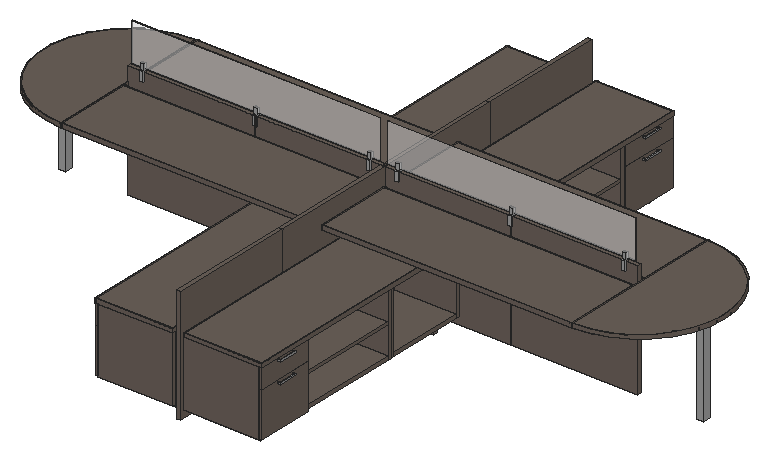
Revit family "STAKS002", category Furniture, Revit 2013 (continued)
Definition of nested family "FIRST OFFICE-STAKS-BRACKETS-SADDLE_PRESS FIT"
  Definition of nested family "PFBKT-1"
    Reference planes (in)
      plane 1 "Center Front/Back": y = 0
      plane 2: z = 0
      plane 3 "Center Left/Right": x = 0
    Forms (in)
      Extrusion 1, solid, material "STAKS BRACKETS"
        sketch origin (0, 0, -1) x (0, 1, 0) y (0, 0, 1)
          loop
            line (0.55, 42.87145) -> (0.55, 39.85939) -> (0.675, 39.85939) -> (0.675, 42.25002)
            arc (0.675, 42.25002) -> (0.74822, 42.42679) -> (0.925, 42.50002) r 0.25
            line (0.925, 42.50002) -> (3.5625, 42.50002) -> (3.5625, 42.93752) -> (0.55, 42.87145)
          loop
            line (-0.55, 42.87145) -> (-3.5625, 42.93752) -> (-3.5625, 42.50002) -> (-0.925, 42.50002)
            arc (-0.925, 42.50002) -> (-0.74822, 42.42679) -> (-0.675, 42.25002) r 0.25
            line (-0.675, 42.25002) -> (-0.675, 39.85939) -> (-0.55, 39.85939) -> (-0.55, 42.87145)
        from -1 to 1
      Extrusion 2, solid, material "STAKS BRACKETS"
        sketch origin (0, 0, -1) x (0, 1, 0) y (0, 0, 1)
          loop
            line (0.55, 42.87145) -> (-0.55, 42.87145) -> (-0.55, 42.50002) -> (-0.23437, 42.50002) -> (0, 42.73439) -> (0.23437, 42.50002) -> (0.55, 42.50002) -> (0.55, 42.87145)
        from -0.4375 to 0.4375
    Cuts and joins
      joined: Extrusion 1, Extrusion 2
    Lines and regions (in)
      Masking region 1
        outline origin (0, 0, 0) x (1, 0, 0) y (0, 1, 0)
          loop
            line (-1, 0.55) -> (1, 0.55) -> (1, 3.5625) -> (-1, 3.5625) -> (-1, 0.55)
          loop
            line (-1, -0.55) -> (-1, -3.5625) -> (1, -3.5625) -> (1, -0.55) -> (-1, -0.55)
      Masking region 2
        outline origin (0, 0, 0) x (1, 0, 0) y (0, 1, 0)
          loop
            line (0.4375, 0.55) -> (-0.4375, 0.55) -> (-0.4375, -0.55) -> (0.4375, -0.55) -> (0.4375, 0.55)
  Definition of nested family "PVPBKT-1"
    Reference planes (in)
      plane 1 "Center Front/Back": y = 0
      plane 2: z = 0
      plane 3 "Center Left/Right": x = 0
    Forms (in)
      Extrusion 1, solid, material "STAKS BRACKETS"
        sketch origin (0, 0, -6) x (0, 1, 0) y (0, 0, 1)
          loop
            line (0.53125, 45.0312) -> (0.6875, 45.0312) -> (0.6875, 47.6562) -> (-0.6875, 47.6562) -> (-0.6875, 45.0312) -> (-0.96875, 45.0312) -> (-0.96875, 47.6562) -> (-1.125, 47.6562) -> (-1.125, 44.6562) -> (-0.53125, 44.6562) -> (-0.53125, 47.49995) -> (0.53125, 47.49995) -> (0.53125, 45.0312)
        from -0.5 to 0.5
    Lines and regions (in)
      Masking region 1
        outline origin (0, 0, 0) x (1, 0, 0) y (0, 1, 0)
          loop
            line (0.5, 0.53125) -> (0.5, 0.6875) -> (-0.5, 0.6875) -> (-0.5, 0.53125) -> (0.5, 0.53125)
      Masking region 2
        outline origin (0, 0, 0) x (1, 0, 0) y (0, 1, 0)
          loop
            line (0.5, 0.53125) -> (-0.5, 0.53125) -> (-0.5, -0.53125) -> (0.5, -0.53125) -> (0.5, 0.53125)
      Masking region 3
        outline origin (0, 0, 0) x (1, 0, 0) y (0, 1, 0)
          loop
            line (0.5, -0.6875) -> (0.5, -0.53125) -> (-0.5, -0.53125) -> (-0.5, -0.6875) -> (0.5, -0.6875)
      Masking region 4
        outline origin (0, 0, 0) x (1, 0, 0) y (0, 1, 0)
          loop
            line (-0.5, -0.6875) -> (-0.5, -0.96875) -> (0.5, -0.96875) -> (0.5, -0.6875) -> (-0.5, -0.6875)
      Masking region 5
        outline origin (0, 0, 0) x (1, 0, 0) y (0, 1, 0)
          loop
            line (0.5, -1.125) -> (0.5, -0.96875) -> (-0.5, -0.96875) -> (-0.5, -1.125) -> (0.5, -1.125)
  Definition of nested family "PVPBKT-2"
    Reference planes (in)
      plane 1 "Center Front/Back": y = 0
      plane 2: z = 0
      plane 3 "Center Left/Right": x = 0
    Forms (in)
      Extrusion 1, solid, material "STAKS BRACKETS"
        sketch origin (0, 0, -6) x (0, 1, 0) y (0, 0, 1)
          loop
            line (0.51563, 47.49995) -> (0.51562, 45.0312) -> (0.67187, 45.0312) -> (0.67187, 47.6562) -> (0.29688, 47.6562) -> (0.29688, 49.4062) -> (0.14063, 49.4062) -> (0.14062, 47.99995) -> (-0.14063, 47.99995) -> (-0.14062, 49.4062) -> (-0.29688, 49.4062) -> (-0.29688, 47.6562) -> (-0.67187, 47.6562) -> (-0.67187, 45.0312) -> (-0.51563, 45.0312) -> (-0.51562, 47.49995) -> (0.51563, 47.49995)
        from -0.5 to 0.5
    Lines and regions (in)
      Masking region 1
        outline origin (0, 0, 0) x (1, 0, 0) y (0, 1, 0)
          loop
            line (-0.5, 0.67187) -> (-0.5, 0.29688) -> (0.5, 0.29688) -> (0.5, 0.67187) -> (-0.5, 0.67187)
      Masking region 2
        outline origin (0, 0, 0) x (1, 0, 0) y (0, 1, 0)
          loop
            line (-0.5, 0.29688) -> (-0.5, 0.14063) -> (0.5, 0.14062) -> (0.5, 0.29688) -> (-0.5, 0.29688)
      Masking region 3
        outline origin (0, 0, 0) x (1, 0, 0) y (0, 1, 0)
          loop
            line (-0.5, 0.14063) -> (-0.5, -0.14063) -> (0.5, -0.14063) -> (0.5, 0.14062) -> (-0.5, 0.14063)
      Masking region 4
        outline origin (0, 0, 0) x (1, 0, 0) y (0, 1, 0)
          loop
            line (-0.5, -0.14062) -> (-0.5, -0.29688) -> (0.5, -0.29688) -> (0.5, -0.14063) -> (-0.5, -0.14062)
      Masking region 5
        outline origin (0, 0, 0) x (1, 0, 0) y (0, 1, 0)
          loop
            line (-0.5, -0.29688) -> (-0.5, -0.67187) -> (0.5, -0.67187) -> (0.5, -0.29688) -> (-0.5, -0.29688)
Definition of nested family "FIRST OFFICE-STAKS-WALL-PRIVACY PANELS"
  Parameters (values of type "FIRST OFFICE-STAKS-PRIVACY PANEL FROSTED ACR 22 X 11")
    URL = "http://www.firstoffice.com/products/crossover/staks/"
    SSFG-PA-3F-LUM = no
    SKYLINE = no
    PRIVACY PANEL HEIGHT = 0' - 11"
    Model = "6-PVPA-22/11"
    Manufacturer = "FIRST OFFICE-STAKS"
    MANUFACTURERS' CODE = "FOF"
    FROSTED ACRYLIC = yes
    ENVIRONMENTAL = "http://www.firstoffice.com/products/crossover/staks/"
    Description = "22 x 11 PRIVACY PANEL SKYLINE"
    PRIVACY PANEL WIDTH = 1' - 10"
    CATALOG CODE = "FST"
    Assembly Code = ""
  Types (42): name | SSFG-PA-3F-LUM | SKYLINE | PRIVACY PANEL HEIGHT | Model | FROSTED ACRYLIC | Description | PRIVACY PANEL WIDTH
    FIRST OFFICE-STAKS-PRIVACY PANEL SKYLINE 22 X 8 | no | yes | 0' - 8" | "6-PVPG-22/8" | no | "22 x 8 PRIVACY PANEL SKYLINE" | 1' - 10"
    FIRST OFFICE-STAKS-PRIVACY PANEL SKYLINE 30 X 8 | no | yes | 0' - 8" | "6-PVPG-30/8" | no | "30 x 8 PRIVACY PANEL SKYLINE" | 2' - 6"
    FIRST OFFICE-STAKS-PRIVACY PANEL SKYLINE 34 X 8 | no | yes | 0' - 8" | "6-PVPG-34/8" | no | "34 x 8 PRIVACY PANEL SKYLINE" | 2' - 10"
    FIRST OFFICE-STAKS-PRIVACY PANEL SKYLINE 46 X 8 | no | yes | 0' - 8" | "6-PVPG-46/8" | no | "46 x 8 PRIVACY PANEL SKYLINE" | 3' - 10"
    FIRST OFFICE-STAKS-PRIVACY PANEL SKYLINE 56 X 8 | no | yes | 0' - 8" | "6-PVPG-56/8" | no | "56 x 8 PRIVACY PANEL SKYLINE" | 4' - 8"
    FIRST OFFICE-STAKS-PRIVACY PANEL SKYLINE 70 X 8 | no | yes | 0' - 8" | "6-PVPG-70/8" | no | "70 x 8 PRIVACY PANEL SKYLINE" | 5' - 10"
    FIRST OFFICE-STAKS-PRIVACY PANEL SKYLINE 71.5 X 8 | no | yes | 0' - 8" | "6-PVPG-71.5/8" | no | "71.5 x 8 PRIVACY PANEL SKYLINE" | 5' - 11 1/2"
    FIRST OFFICE-STAKS-PRIVACY PANEL SKYLINE 22 X 11 | no | yes | 0' - 11" | "6-PVPG-22/11" | no | "22 x 11 PRIVACY PANEL SKYLINE" | 1' - 10"
    FIRST OFFICE-STAKS-PRIVACY PANEL SKYLINE 30 X 11 | no | yes | 0' - 11" | "6-PVPG-30/11" | no | "30 x 11 PRIVACY PANEL SKYLINE" | 2' - 6"
    FIRST OFFICE-STAKS-PRIVACY PANEL SKYLINE 34 X 11 | no | yes | 0' - 11" | "6-PVPG-34/11" | no | "34 x 11 PRIVACY PANEL SKYLINE" | 2' - 10"
    FIRST OFFICE-STAKS-PRIVACY PANEL SKYLINE 46 X 11 | no | yes | 0' - 11" | "6-PVPG-46/11" | no | "46 x 11 PRIVACY PANEL SKYLINE" | 3' - 10"
    FIRST OFFICE-STAKS-PRIVACY PANEL SKYLINE 56 X 11 | no | yes | 0' - 11" | "6-PVPG-56/11" | no | "56 x 11 PRIVACY PANEL SKYLINE" | 4' - 8"
    FIRST OFFICE-STAKS-PRIVACY PANEL SKYLINE 70 X 11 | no | yes | 0' - 11" | "6-PVPG-70/11" | no | "70 x 11 PRIVACY PANEL SKYLINE" | 5' - 10"
    FIRST OFFICE-STAKS-PRIVACY PANEL SKYLINE 71.5 X 11 | no | yes | 0' - 11" | "6-PVPG-71.5/11" | no | "71.5 x 11 PRIVACY PANEL SKYLINE" | 5' - 11 1/2"
    FIRST OFFICE-STAKS-PRIVACY PANEL SSFG-PA-3F-LUM 22 X 8 | yes | no | 0' - 8" | "6-PVPP-22/8" | no | "22 x 8 PRIVACY PANEL SSFG-PA-3F-LUM" | 1' - 10"
    FIRST OFFICE-STAKS-PRIVACY PANEL SSFG-PA-3F-LUM 30 X 8 | yes | no | 0' - 8" | "6-PVPP-30/8" | no | "30 x 8 PRIVACY PANEL SSFG-PA-3F-LUM" | 2' - 6"
    FIRST OFFICE-STAKS-PRIVACY PANEL SSFG-PA-3F-LUM 34 X 8 | yes | no | 0' - 8" | "6-PVPP-34/8" | no | "34 x 8 PRIVACY PANEL SSFG-PA-3F-LUM" | 2' - 10"
    FIRST OFFICE-STAKS-PRIVACY PANEL SSFG-PA-3F-LUM 46 X 8 | yes | no | 0' - 8" | "6-PVPP-46/8" | no | "46 x 8 PRIVACY PANEL SSFG-PA-3F-LUM" | 3' - 10"
    FIRST OFFICE-STAKS-PRIVACY PANEL SSFG-PA-3F-LUM 56 X 8 | yes | no | 0' - 8" | "6-PVPP-56/8" | no | "56 x 8 PRIVACY PANEL SSFG-PA-3F-LUM" | 4' - 8"
    FIRST OFFICE-STAKS-PRIVACY PANEL SSFG-PA-3F-LUM 70 X 8 | yes | no | 0' - 8" | "6-PVPP-70/8" | no | "70 x 8 PRIVACY PANEL SSFG-PA-3F-LUM" | 5' - 10"
    FIRST OFFICE-STAKS-PRIVACY PANEL SSFG-PA-3F-LUM 71.5 X 8 | yes | no | 0' - 8" | "6-PVPP-71.5/8" | no | "71.5” x 8” PRIVACY PANEL SSFG-PA-3F-LUM" | 5' - 11 1/2"
    FIRST OFFICE-STAKS-PRIVACY PANEL SSFG-PA-3F-LUM 22 X 11 | yes | no | 0' - 11" | "6-PVPP-22/11" | no | "22 x 11 PRIVACY PANEL SSFG-PA-3F-LUM" | 1' - 10"
    FIRST OFFICE-STAKS-PRIVACY PANEL SSFG-PA-3F-LUM 30 X 11 | yes | no | 0' - 11" | "6-PVPP-30/11" | no | "30 x 11 PRIVACY PANEL SSFG-PA-3F-LUM" | 2' - 6"
    FIRST OFFICE-STAKS-PRIVACY PANEL SSFG-PA-3F-LUM 34 X 11 | yes | no | 0' - 11" | "6-PVPP-34/11" | no | "34 x 11 PRIVACY PANEL SSFG-PA-3F-LUM" | 2' - 10"
    FIRST OFFICE-STAKS-PRIVACY PANEL SSFG-PA-3F-LUM 46 X 11 | yes | no | 0' - 11" | "6-PVPP-46/11" | no | "46 x 11 PRIVACY PANEL SSFG-PA-3F-LUM" | 3' - 10"
    FIRST OFFICE-STAKS-PRIVACY PANEL SSFG-PA-3F-LUM 56 X 11 | yes | no | 0' - 11" | "6-PVPP-56/11" | no | "56 x 11 PRIVACY PANEL SSFG-PA-3F-LUM" | 4' - 8"
    FIRST OFFICE-STAKS-PRIVACY PANEL SSFG-PA-3F-LUM 70 X 11 | yes | no | 0' - 11" | "6-PVPP-70/11" | no | "70 x 11 PRIVACY PANEL SSFG-PA-3F-LUM" | 5' - 10"
    FIRST OFFICE-STAKS-PRIVACY PANEL SSFG-PA-3F-LUM 71.5 X 11 | yes | no | 0' - 11" | "6-PVPP-71.5/11" | no | "71.5 x 11 PRIVACY PANEL SSFG-PA-3F-LUM" | 5' - 11 1/2"
    FIRST OFFICE-STAKS-PRIVACY PANEL FROSTED ACR 22 X 8 | no | no | 0' - 8" | "6-PVPA-22/8" | yes | "22 x 8 PRIVACY PANEL SKYLINE" | 1' - 10"
    FIRST OFFICE-STAKS-PRIVACY PANEL FROSTED ACR 30 X 8 | no | no | 0' - 8" | "6-PVPA-30/8" | yes | "30 x 8 PRIVACY PANEL SKYLINE" | 2' - 6"
    FIRST OFFICE-STAKS-PRIVACY PANEL FROSTED ACR 34 X 8 | no | no | 0' - 8" | "6-PVPA-34/8" | yes | "34 x 8 PRIVACY PANEL SKYLINE" | 2' - 10"
    FIRST OFFICE-STAKS-PRIVACY PANEL FROSTED ACR 46 X 8 | no | no | 0' - 8" | "6-PVPA-46/8" | yes | "46 x 8 PRIVACY PANEL SKYLINE" | 3' - 10"
    FIRST OFFICE-STAKS-PRIVACY PANEL FROSTED ACR 56 X 8 | no | no | 0' - 8" | "6-PVPA-56/8" | yes | "56 x 8 PRIVACY PANEL SKYLINE" | 4' - 8"
    FIRST OFFICE-STAKS-PRIVACY PANEL FROSTED ACR 70 X 8 | no | no | 0' - 8" | "6-PVPA-70/8" | yes | "70 x 8 PRIVACY PANEL SKYLINE" | 5' - 10"
    FIRST OFFICE-STAKS-PRIVACY PANEL FROSTED ACR 71.5 X 8 | no | no | 0' - 8" | "6-PVPA-71.5/8" | yes | "71.5 x 8 PRIVACY PANEL SKYLINE" | 5' - 11 1/2"
    FIRST OFFICE-STAKS-PRIVACY PANEL FROSTED ACR 22 X 11 | no | no | 0' - 11" | "6-PVPA-22/11" | yes | "22 x 11 PRIVACY PANEL SKYLINE" | 1' - 10"
    FIRST OFFICE-STAKS-PRIVACY PANEL FROSTED ACR 30 X 11 | no | no | 0' - 11" | "6-PVPA-30/11" | yes | "30 x 11 PRIVACY PANEL SKYLINE" | 2' - 6"
    FIRST OFFICE-STAKS-PRIVACY PANEL FROSTED ACR 34 X 11 | no | no | 0' - 11" | "6-PVPA-34/11" | yes | "34 x 11 PRIVACY PANEL SKYLINE" | 2' - 10"
    FIRST OFFICE-STAKS-PRIVACY PANEL FROSTED ACR 46 X 11 | no | no | 0' - 11" | "6-PVPA-46/11" | yes | "46 x 11 PRIVACY PANEL SKYLINE" | 3' - 10"
    FIRST OFFICE-STAKS-PRIVACY PANEL FROSTED ACR 56 X 11 | no | no | 0' - 11" | "6-PVPA-56/11" | yes | "56 x 11 PRIVACY PANEL SKYLINE" | 4' - 8"
    FIRST OFFICE-STAKS-PRIVACY PANEL FROSTED ACR 70 X 11 | no | no | 0' - 11" | "6-PVPA-70/11" | yes | "70 x 11 PRIVACY PANEL SKYLINE" | 5' - 10"
    FIRST OFFICE-STAKS-PRIVACY PANEL FROSTED ACR 71.5 X 11 | no | no | 0' - 11" | "6-PVPA-71.5/11" | yes | "71.5 x 11 PRIVACY PANEL SKYLINE" | 5' - 11 1/2"
  Reference planes (in)
    plane 1: z = 0
    plane 2 "Center Left/Right": x = 0
    plane 3 "Left": x = -11
    plane 4 "Right": x = 11
    plane 5 "Back": y = 1.62535
    plane 6 "PRIVACY PANEL TOP": z = 56.0625
    plane 7: z = 45.0625
  Forms (in)
    Extrusion 1, solid, material "STAKS PRIVACY PANEL SKY", visible <- "SKYLINE"
      sketch origin (-20.62535, -17.37465, 45.0625) x (0, 1, 0) y (-1, 0, 0)
        loop
          line (19.125, -9.62535) -> (18.875, -9.62535) -> (18.875, -31.62535) -> (19.125, -31.62535) -> (19.125, -9.62535)
      from 0 to 11
    Extrusion 2, solid, material "STAKS PRIVACY PANEL 4 TYPES", visible <- "SSFG-PA-3F-LUM"
      sketch origin (-20.62535, -18.66353, 45.0625) x (0, 1, 0) y (-1, 0, 0)
        loop
          line (20.41388, -9.62535) -> (20.16388, -9.62535) -> (20.16388, -31.62535) -> (20.41388, -31.62535) -> (20.41388, -9.62535)
      from 0 to 11
    Extrusion 3, solid, material "STAKS PRIVACY PANEL FROSTED AC", visible <- "FROSTED ACRYLIC"
      sketch origin (-20.62535, -19.34414, 45.0625) x (0, 1, 0) y (-1, 0, 0)
        loop
          line (21.09448, -9.62535) -> (20.84448, -9.62535) -> (20.84448, -31.62535) -> (21.09448, -31.62535) -> (21.09448, -9.62535)
      from 0 to 11
  Lines and regions (in)
    Masking region 1
      outline origin (-20.62535, -17.37465, 45.0625) x (0, 1, 0) y (-1, 0, 0)
        loop
          line (18.875, -31.62535) -> (19.125, -31.62535) -> (19.125, -9.62535) -> (18.875, -9.62535) -> (18.875, -31.62535)
  Dimensions and locks (in)
    "PRIVACY PANEL WIDTH": plane 3 "Left" to plane 4 "Right"
    equal spacing: plane 3 "Left", plane 2 "Center Left/Right", plane 4 "Right"
    locked: Extrusion 1 to Extrusion 1 at 0.25
    "PRIVACY PANEL HEIGHT": plane 6 "PRIVACY PANEL TOP" to plane 7
    aligned and locked: level to plane 1
    aligned: Extrusion 1 to plane 3 "Left"
    aligned and locked: plane 4 "Right" to Extrusion 1
    aligned and locked: Extrusion 1 to plane 3 "Left"
    aligned and locked: plane 6 "PRIVACY PANEL TOP" to Extrusion 1
    aligned and locked: Extrusion 1 to plane 7
    aligned and locked: plane 4 "Right" to Masking region 1
    aligned and locked: Extrusion 2 to Extrusion 1  (x2)
    aligned and locked: Extrusion 3 to Extrusion 2  (x2)
    aligned and locked: Extrusion 3 to plane 7
    aligned and locked: Extrusion 2 to plane 7
  Automatic sketch dimensions
    Extrusion 1 sketch curve to plane 3 "Left" = 0' - 0"
    Extrusion 1 sketch curve to plane 4 "Right" = 0' - 0"
    plane 5 "Back" to Extrusion 1 sketch curve = 0' - 0 1/8"
    Extrusion 1 sketch curve to plane 5 "Back" = 0' - 0 1/8"
    Masking region 1 sketch curve to plane 4 "Right" = 0' - 0"
    Masking region 1 sketch curve to plane 3 "Left" = 0' - 0"
    plane 5 "Back" to Masking region 1 sketch curve = 0' - 0 1/8"
    Masking region 1 sketch curve to plane 5 "Back" = 0' - 0 1/8"
    Extrusion 2 sketch curve to plane 3 "Left" = 0' - 0"
    Extrusion 2 sketch curve to plane 4 "Right" = 0' - 0"
    plane 5 "Back" to Extrusion 2 sketch curve = 0' - 0 1/8"
    Extrusion 2 sketch curve to Extrusion 2 sketch curve = 0' - 0 1/4"
    Extrusion 3 sketch curve to plane 3 "Left" = 0' - 0"
    Extrusion 3 sketch curve to plane 4 "Right" = 0' - 0"
    plane 5 "Back" to Extrusion 3 sketch curve = 0' - 0 1/8"
    Extrusion 3 sketch curve to Extrusion 3 sketch curve = 0' - 0 1/4"
Definition of nested family "FIRST OFFICE-STAKS-SUPPORT-SURFACE-RISER PANELS"
  Parameters (values of type "FIRST OFFICE-STAKS-SUPPORT-SURFACE-RISER-P SHAPE 10 X 9.5")
    T SHAPE = no
    RISER DEPTH = 0' - 10"
    URL = "http://www.firstoffice.com/products/crossover/staks/"
    P SHAPE = yes
    Model = "6-TSP-10/9.5"
    Manufacturer = "FIRST OFFICE-STAKS"
    MANUFACTURERS' CODE = "FOF"
    ENVIRONMENTAL = "http://www.firstoffice.com/products/crossover/staks/"
    Description = "10 X 9.5 P SHAPE RISER SUPPORT PANEL"
    CATALOG CODE = "FST"
    Assembly Code = ""
  Types (8): name | T SHAPE | RISER DEPTH | P SHAPE | Model | Description
    FIRST OFFICE-STAKS-SUPPORT-SURFACE-RISER-P SHAPE 10 X 9.5 | no | 0' - 10" | yes | "6-TSP-10/9.5" | "10 X 9.5 P SHAPE RISER SUPPORT PANEL"
    FIRST OFFICE-STAKS-SUPPORT-SURFACE-RISER-P SHAPE 18 X 9.5 | no | 1' - 6" | yes | "6-TSP-18/9.5" | "18 X 9.5 P SHAPE RISER SUPPORT PANEL"
    FIRST OFFICE-STAKS-SUPPORT-SURFACE-RISER-P SHAPE 26 X 9.5 | no | 2' - 2" | yes | "6-TSP-26/9.5" | "26 X 9.5 P SHAPE RISER SUPPORT PANEL"
    FIRST OFFICE-STAKS-SUPPORT-SURFACE-RISER-P SHAPE 32 X 9.5 | no | 2' - 8" | yes | "6-TSP-32/9.5" | "32 X 9.5 P SHAPE RISER SUPPORT PANEL"
    FIRST OFFICE-STAKS-SUPPORT-SURFACE-RISER-T SHAPE 10 X 9.5 | yes | 0' - 10" | no | "6-RSP-10/9.5" | "10 X 9.5 T SHAPE RISER SUPPORT PANEL"
    FIRST OFFICE-STAKS-SUPPORT-SURFACE-RISER-T SHAPE 18 X 9.5 | yes | 1' - 6" | no | "6-RSP-18/9.5" | "18 X 9.5 T SHAPE RISER SUPPORT PANEL"
    FIRST OFFICE-STAKS-SUPPORT-SURFACE-RISER-T SHAPE 26 X 9.5 | yes | 2' - 2" | no | "6-RSP-26/9.5" | "26 X 9.5 T SHAPE RISER SUPPORT PANEL"
    FIRST OFFICE-STAKS-SUPPORT-SURFACE-RISER-T SHAPE 32 X 9.5 | yes | 2' - 8" | no | "6-RSP-32/9.5" | "32 X 9.5 T SHAPE RISER SUPPORT PANEL"
  Reference planes (in)
    plane 1: z = 0
    plane 2 "Left": x = -12
    plane 3 "Back": y = 1.62535
    plane 4 "WING Top": z = 27.375
    plane 5: y = -8.37465
    plane 6: y = 0.62535
    plane 7: x = -2.5
    plane 8: x = -3.5
    plane 9: x = -11
    plane 10: y = -7.87465
    plane 11: z = 22.5
    plane 12: y = -6.87465
    plane 13: x = -13
    plane 14: y = -3.37465
    plane 15: x = -21.5
  Forms (in)
    Extrusion 1, solid, material "STAKS SUPPORT WD", visible <- "P SHAPE"
      sketch origin (3.36932, -10.37465, 0.12522) x (1, 0, 0) y (0, 0, 1)
        loop
          line (-5.86932, 27.24978) -> (-6.86932, 27.24978) -> (-6.86932, 22.37478) -> (-5.86932, 22.37478) -> (-5.86932, 27.24978)
      from -11 to -3.5
    Extrusion 2, solid, material "STAKS SUPPORT WD", visible <- "P SHAPE"
      sketch origin (-5.5, 5, -0.18015) x (0, 1, 0) y (0, 0, 1)
        loop
          line (-4.37465, 27.55515) -> (-4.37465, 22.68015) -> (-3.37465, 22.68015) -> (-3.37465, 27.55515) -> (-4.37465, 27.55515)
      from -5.5 to 3
    Extrusion 3, solid, material "STAKS SUPPORT WD", visible <- "P SHAPE"
      sketch origin (7.62465, -10.37465, -0.18015) x (1, 0, 0) y (0, 0, 1)
        loop
          line (-19.62465, 27.55515) -> (-19.62465, 22.68015) -> (-18.62465, 22.68015) -> (-18.62465, 27.55515) -> (-19.62465, 27.55515)
      from -12 to -2
    Extrusion 4, solid, material "STAKS SUPPORT WD", visible <- "P SHAPE"
      sketch origin (-5.5, -2.25, -0.18015) x (0, 1, 0) y (0, 0, 1)
        loop
          line (-5.62465, 27.55515) -> (-5.62465, 22.68015) -> (-4.62465, 22.68015) -> (-4.62465, 27.55515) -> (-5.62465, 27.55515)
      from -5.5 to 3
    Extrusion 5, solid, material "STAKS SUPPORT WD", visible <- "T SHAPE"
      sketch origin (6.62465, -10.37465, -0.18015) x (1, 0, 0) y (0, 0, 1)
        loop
          line (-19.62465, 27.55515) -> (-19.62465, 22.68015) -> (-18.62465, 22.68015) -> (-18.62465, 27.55515) -> (-19.62465, 27.55515)
      from -12 to -2
    Extrusion 6, solid, material "STAKS SUPPORT WD", visible <- "T SHAPE"
      sketch origin (-16, -9.25, -0.18015) x (0, 1, 0) y (0, 0, 1)
        loop
          line (5.37535, 27.55515) -> (5.37535, 22.68015) -> (6.37535, 22.68015) -> (6.37535, 27.55515) -> (5.37535, 27.55515)
      from -5.5 to 3
  Lines and regions (in)
    Masking region 1, visible <- "P SHAPE"
      outline origin (-5.5, 0, 0) x (1, 0, 0) y (0, 1, 0)
        loop
          line (-5.5, 1.62535) -> (-5.5, 0.62535) -> (3, 0.62535) -> (3, 1.62535) -> (-5.5, 1.62535)
    Masking region 2, visible <- "P SHAPE"
      outline origin (4.75, 0, 0) x (1, 0, 0) y (0, 1, 0)
        loop
          line (-7.25, 0.62535) -> (-8.25, 0.62535) -> (-8.25, -6.87465) -> (-7.25, -6.87465) -> (-7.25, 0.62535)
    Masking region 3, visible <- "P SHAPE"
      outline origin (-16.37535, -10.37465, 0) x (0, -1, 0) y (1, 0, 0)
        loop
          line (-12, 5.37535) -> (-12, 4.37535) -> (-2, 4.37535) -> (-2, 5.37535) -> (-12, 5.37535)
    Masking region 4, visible <- "P SHAPE"
      outline origin (-5.5, -7.25, 0) x (1, 0, 0) y (0, 1, 0)
        loop
          line (-5.5, 0.37535) -> (-5.5, -0.62465) -> (3, -0.62465) -> (3, 0.37535) -> (-5.5, 0.37535)
    Masking region 5, visible <- "T SHAPE"
      outline origin (-17.37535, -10.37465, 0) x (0, -1, 0) y (1, 0, 0)
        loop
          line (-12, 5.37535) -> (-12, 4.37535) -> (-2, 4.37535) -> (-2, 5.37535) -> (-12, 5.37535)
    Masking region 6, visible <- "T SHAPE"
      outline origin (-16, -14.25, 0) x (1, 0, 0) y (0, 1, 0)
        loop
          line (-5.5, 11.37535) -> (-5.5, 10.37535) -> (3, 10.37535) -> (3, 11.37535) -> (-5.5, 11.37535)
  Dimensions and locks (in)
    "RISER DEPTH": plane 5 to plane 3 "Back"
    locked: plane 2 "Left" to plane 9 at 1
    locked: plane 8 to plane 7 at 1
    locked: plane 2 "Left" to plane 7 at 9.5
    locked: plane 4 "WING Top" to plane 11 at 4.875
    locked: plane 10 to plane 3 "Back" at 9.5
    locked: plane 4 "WING Top" to plane 1 at 27.375
    locked: plane 6 to plane 3 "Back" at 1
    locked: plane 10 to plane 12 at 1
    locked: plane 15 to plane 2 "Left" at 9.5
    locked: plane 13 to plane 2 "Left" at 1
    Extrusion 6 to plane 14 to Extrusion 6 = 0' - 0 1/2" locked, 0' - 0 1/2" locked
    equal spacing: plane 5, plane 14, plane 3 "Back"
    aligned: Extrusion 1 to plane 2 "Left"  (x2)
    aligned: Extrusion 1 to plane 1  (x2)
    aligned: level to plane 1
    aligned: Extrusion 1 to plane 4 "WING Top"
    aligned: Extrusion 1 to plane 3 "Back"  (x2)
    aligned: plane 5 to Extrusion 1
    aligned: Extrusion 3 to plane 6
    aligned and locked: plane 5 to Extrusion 3
    aligned: Extrusion 1 to plane 5  (x3)
    aligned and locked: plane 6 to Extrusion 2
    aligned and locked: plane 6 to Masking region 1
    aligned and locked: Masking region 1 to plane 3 "Back"
    aligned and locked: Extrusion 2 to plane 3 "Back"
    aligned: plane 7 to Masking region 1
    aligned: plane 7 to Extrusion 2
    aligned: Extrusion 3 to plane 2 "Left"
    aligned: plane 4 "WING Top" to Extrusion 3
    aligned: plane 4 "WING Top" to Extrusion 1
    aligned: plane 4 "WING Top" to Extrusion 2
    aligned: Masking region 2 to plane 3 "Back"
    aligned: plane 3 "Back" to Extrusion 1
    aligned: plane 10 to Masking region 2
    aligned: plane 10 to Extrusion 1
    aligned and locked: plane 7 to Extrusion 1
    aligned and locked: Extrusion 1 to plane 8
    aligned and locked: plane 7 to Masking region 2
    aligned and locked: Masking region 2 to plane 8
    aligned: plane 8 to Extrusion 2
    aligned: plane 8 to Masking region 1
    aligned and locked: Extrusion 3 to plane 3 "Back"
    aligned and locked: Extrusion 3 to plane 2 "Left"
    aligned: plane 9 to Extrusion 3
    aligned and locked: plane 9 to Masking region 3
    aligned and locked: Masking region 3 to plane 2 "Left"
    aligned and locked: Extrusion 2 to plane 9
    aligned and locked: Masking region 1 to plane 9
    aligned and locked: plane 5 to Masking region 3
    aligned and locked: plane 4 "WING Top" to Extrusion 3  (x2)
    aligned and locked: plane 4 "WING Top" to Extrusion 1
    aligned and locked: plane 4 "WING Top" to Extrusion 2
    aligned and locked: Extrusion 3 to plane 11
    aligned and locked: Extrusion 1 to plane 11
    aligned and locked: Extrusion 2 to plane 11
    aligned and locked: plane 9 to Extrusion 3
    aligned and locked: Extrusion 1 to plane 6
    aligned and locked: Masking region 2 to plane 6
    aligned and locked: plane 7 to Extrusion 2
    aligned and locked: plane 7 to Masking region 1
    aligned and locked: Masking region 4 to plane 12
    aligned and locked: Extrusion 4 to plane 12
    aligned and locked: plane 10 to Extrusion 4
    aligned and locked: plane 10 to Masking region 4
    aligned and locked: plane 12 to Extrusion 1
    aligned and locked: plane 12 to Masking region 2
    aligned and locked: Masking region 6 to Extrusion 6  (x2)
    aligned and locked: Masking region 6 to plane 15
    aligned and locked: Extrusion 6 to plane 15
    aligned and locked: plane 13 to Masking region 6
    aligned and locked: plane 13 to Extrusion 6
    aligned and locked: plane 5 to Extrusion 5
    aligned and locked: Extrusion 5 to plane 3 "Back"
    aligned and locked: plane 3 "Back" to Extrusion 5
  Automatic sketch dimensions
    Extrusion 1 sketch curve to plane 4 "WING Top" = 0' - 0"
    Extrusion 1 sketch curve to plane 8 = 0' - 0"
    Extrusion 1 sketch curve to plane 7 = 0' - 0"
    Extrusion 1 sketch curve to plane 11 = 0' - 0"
    Extrusion 2 sketch curve to plane 4 "WING Top" = 0' - 0"
    Extrusion 2 sketch curve to plane 6 = 0' - 0"
    Extrusion 2 sketch curve to plane 3 "Back" = 0' - 0"
    Extrusion 2 sketch curve to plane 11 = 0' - 0"
    plane 6 to Masking region 1 sketch curve = 0' - 0"
    Masking region 1 sketch curve to plane 9 = 0' - 0"
    plane 3 "Back" to Masking region 1 sketch curve = 0' - 0"
    Masking region 1 sketch curve to plane 7 = 0' - 0"
    Extrusion 3 sketch curve to plane 2 "Left" = 0' - 0"
    Extrusion 3 sketch curve to plane 9 = 0' - 0"
    Extrusion 3 sketch curve to plane 11 = 0' - 0"
    Extrusion 3 sketch curve to plane 4 "WING Top" = 0' - 0"
    plane 6 to Masking region 2 sketch curve = 0' - 0"
    Masking region 2 sketch curve to plane 8 = 0' - 0"
    Masking region 2 sketch curve to plane 7 = 0' - 0"
    plane 12 to Masking region 2 sketch curve = 0' - 0"
    Masking region 3 sketch curve to plane 2 "Left" = 0' - 0"
    plane 3 "Back" to Masking region 3 sketch curve = 0' - 0"
    plane 5 to Masking region 3 sketch curve = 0' - 0"
    Masking region 3 sketch curve to plane 9 = 0' - 0"
    Extrusion 4 sketch curve to plane 4 "WING Top" = 0' - 0"
    Extrusion 4 sketch curve to plane 10 = 0' - 0"
    Extrusion 4 sketch curve to plane 11 = 0' - 0"
    Extrusion 4 sketch curve to plane 12 = 0' - 0"
    Masking region 4 sketch curve to plane 9 = 0' - 0"
    Masking region 4 sketch curve to plane 7 = 0' - 0"
    plane 10 to Masking region 4 sketch curve = 0' - 0"
    plane 12 to Masking region 4 sketch curve = 0' - 0"
    Extrusion 5 sketch curve to plane 4 "WING Top" = 0' - 0"
    Extrusion 5 sketch curve to plane 13 = 0' - 0"
    Extrusion 5 sketch curve to plane 2 "Left" = 0' - 0"
    Extrusion 5 sketch curve to plane 11 = 0' - 0"
    plane 3 "Back" to Masking region 5 sketch curve = 0' - 0"
    Masking region 5 sketch curve to plane 2 "Left" = 0' - 0"
    plane 5 to Masking region 5 sketch curve = 0' - 0"
    Masking region 5 sketch curve to plane 13 = 0' - 0"
    Extrusion 6 sketch curve to plane 4 "WING Top" = 0' - 0"
    Extrusion 6 sketch curve to plane 11 = 0' - 0"
    Extrusion 6 sketch curve to plane 10 = 0' - 4"
    Extrusion 6 sketch curve to Extrusion 6 sketch curve = 0' - 1"
    Masking region 6 sketch curve to plane 13 = 0' - 0"
    Masking region 6 sketch curve to Masking region 6 sketch curve = 0' - 8 1/2"
    Masking region 6 sketch curve to plane 10 = 0' - 4"
    Masking region 6 sketch curve to Masking region 6 sketch curve = 0' - 1"
